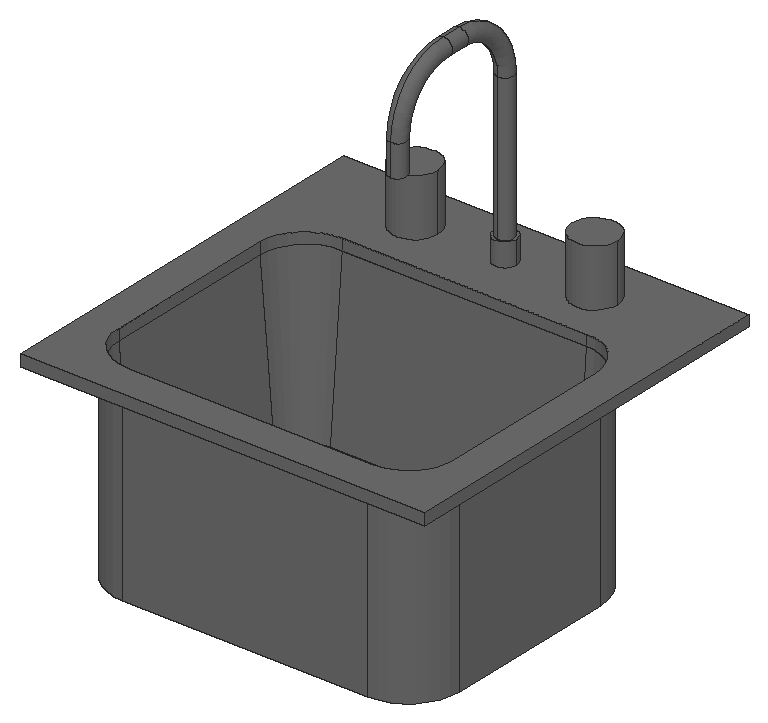
Revit family
Parameters (values of type "450 x 450mm")
  작업대 높이 [instance] = 900.00 mm
  깊이 = 450.00 mm
  설비 재료 = 금속 - 스틸, 광택
  싱크대 재료 = 금속 - 스틸, 광택
  폭 = 450.00 mm
Reference planes
  plane 1 "중심(앞/뒤)": y = 2.345
  plane 2: z = 0
  plane 3 "중심(왼쪽/오른쪽)": x = 15.689
  plane 4: y = 227.345
  plane 5: y = -222.655
  plane 6: x = -209.311
  plane 7: x = 240.689
  plane 8 "작업대 상단": z = 900
  plane 9: z = 912.7
  plane 10: z = 684.1
  plane 11: y = 113.045
  plane 12: x = -171.211
  plane 13: y = -184.555
  plane 14: x = 202.589
  plane 15: x = -84.311
  plane 16: x = 115.689
  plane 17: y = 170.195
  plane 18: y = 170.195
  plane 19: y = 170.195
  plane 20: z = 1163.525
  plane 21: y = 20.97
  plane 22: z = 976.2
  plane 23: z = 938.1
Forms (mm)
  Extrusion 1, solid, material "금속 - 스틸, 광택" <- "싱크대 재료"
    sketch origin (0, 0, 0) x (1, 0, 0) y (0, 1, 0)
      loop
        line (-209.311, 227.345) -> (-209.311, -222.655) -> (240.689, -222.655) -> (240.689, 227.345) -> (-209.311, 227.345)
      loop
        arc (-120.411, 113.045) -> (-156.332, 98.166) -> (-171.211, 62.245) r 50.8
        line (-171.211, 62.245) -> (-171.211, -133.755)
        arc (-171.211, -133.755) -> (-156.332, -169.676) -> (-120.411, -184.555) r 50.8
        line (-120.411, -184.555) -> (151.789, -184.555)
        arc (151.789, -184.555) -> (187.71, -169.676) -> (202.589, -133.755) r 50.8
        line (202.589, -133.755) -> (202.589, 62.245)
        arc (202.589, 62.245) -> (187.71, 98.166) -> (151.789, 113.045) r 50.8
        line (151.789, 113.045) -> (-120.411, 113.045)
    from 900 to 912.7
  Sweep 2, solid, material "금속 - 스틸, 광택" <- "싱크대 재료"
    path origin (0, 0, 0) x (1, 0, 0) y (0, 1, 0)
      loop
        arc (-120.411, 113.045) -> (-156.332, 98.166) -> (-171.211, 62.245) r 50.8
        line (-171.211, 62.245) -> (-171.211, -133.755)
        arc (-171.211, -133.755) -> (-156.332, -169.676) -> (-120.411, -184.555) r 50.8
        line (-120.411, -184.555) -> (151.789, -184.555)
        arc (151.789, -184.555) -> (187.71, -169.676) -> (202.589, -133.755) r 50.8
        line (202.589, -133.755) -> (202.589, 62.245)
        arc (202.589, 62.245) -> (187.71, 98.166) -> (151.789, 113.045) r 50.8
        line (151.789, 113.045) -> (-120.411, 113.045)
    profile origin (15.689, 0, 0) x (0, 1, 0) y (0, 0, 1)
      loop
        line (113.045, 900) -> (96.511, 711.015)
        arc (96.511, 711.015) -> (90.404, 698.63) -> (77.534, 693.625) r 19.05
        line (77.534, 693.625) -> (74.945, 693.625) -> (74.945, 684.1) -> (119.395, 684.1) -> (119.395, 900) -> (113.045, 900)
  Extrusion 3, solid, material "금속 - 스틸, 광택" <- "싱크대 재료"
    sketch origin (0, 0, 0) x (1, 0, 0) y (0, 1, 0)
      loop
        arc (-120.411, 74.945) -> (-129.391, 71.226) -> (-133.111, 62.245) r 12.7
        line (-133.111, 62.245) -> (-133.111, -133.755)
        arc (-133.111, -133.755) -> (-129.391, -142.735) -> (-120.411, -146.455) r 12.7
        line (-120.411, -146.455) -> (151.789, -146.455)
        arc (151.789, -146.455) -> (160.769, -142.735) -> (164.489, -133.755) r 12.7
        line (164.489, -133.755) -> (164.489, 62.245)
        arc (164.489, 62.245) -> (160.769, 71.226) -> (151.789, 74.945) r 12.7
        line (151.789, 74.945) -> (-120.411, 74.945)
      loop
        circle (15.689, 0) r 25.4
    from 684.1 to 693.625
  Extrusion 4, solid, material "금속 - 스틸, 광택" <- "설비 재료"
    sketch origin (0, 0, 0) x (1, 0, 0) y (0, 1, 0)
      loop
        circle (-84.311, 170.195) r 25.4
      loop
        circle (115.689, 170.195) r 25.4
    from 912.7 to 976.2
  Sweep 5, solid, material "금속 - 스틸, 광택" <- "설비 재료"
    path origin (15.689, 0, 0) x (0, 1, 0) y (0, 0, 1)
      loop
        line (170.195, 912.7) -> (170.195, 1100.025)
        arc (170.195, 1100.025) -> (151.597, 1144.926) -> (106.695, 1163.525) r 63.5
        line (106.695, 1163.525) -> (84.47, 1163.525)
        arc (84.47, 1163.525) -> (39.569, 1144.926) -> (20.97, 1100.025) r 63.5
        line (20.97, 1100.025) -> (20.97, 1065.1)
    profile origin (15.689, 0, 1006.363) x (0, -1, 0) y (1, 0, 0)
      loop
        circle (-170.195, 0) r 9.525
  Extrusion 6, solid, material "금속 - 스틸, 광택" <- "설비 재료"
    sketch origin (0, 0, 0) x (1, 0, 0) y (0, 1, 0)
      loop
        circle (15.689, 170.195) r 12.7
    from 912.7 to 938.1
Cuts and joins
  joined: Sweep 5, Extrusion 6
  joined: Sweep 2, Extrusion 3
Lines and regions (mm)
  Masking region 1
    outline origin (0, 0, 900) x (0, -1, 0) y (1, 0, 0)
      loop
        line (-227.345, -209.311) -> (222.655, -209.311) -> (222.655, 240.689) -> (-227.345, 240.689) -> (-227.345, -209.311)
  symbolic lines
    curve 1: arc (41.089, 0, 900) -> (15.689, 25.4, 900) -> (-9.711, 0, 900) r 25.4
    curve 2: arc (-9.711, 0, 900) -> (15.689, -25.4, 900) -> (41.089, 0, 900) r 25.4
    curve 3: line (-171.211, 62.245, 900) -> (-171.211, -133.755, 900)
    curve 4: line (-120.411, -184.555, 900) -> (151.789, -184.555, 900)
    curve 5: line (202.589, -133.755, 900) -> (202.589, 62.245, 900)
    curve 6: line (151.789, 113.045, 900) -> (28.389, 113.045, 900)
    curve 7: arc (202.589, 62.245, 900) -> (187.71, 98.166, 900) -> (151.789, 113.045, 900) r 50.8
    curve 8: arc (151.789, -184.555, 900) -> (187.71, -169.676, 900) -> (202.589, -133.755, 900) r 50.8
    curve 9: arc (-171.211, -133.755, 900) -> (-156.332, -169.676, 900) -> (-120.411, -184.555, 900) r 50.8
    curve 10: arc (-120.411, 113.045, 900) -> (-156.332, 98.166, 900) -> (-171.211, 62.245, 900) r 50.8
    curve 11: arc (142.689, 172.313, 900) -> (117.289, 197.713, 900) -> (91.889, 172.313, 900) r 25.4
    curve 12: arc (91.889, 172.313, 900) -> (117.289, 146.913, 900) -> (142.689, 172.313, 900) r 25.4
    curve 13: arc (28.389, 170.195, 900) -> (15.689, 182.895, 900) -> (2.989, 170.195, 900) r 12.7
    curve 14: line (2.989, 170.195, 900) -> (2.989, 53.145, 900)
    curve 15: line (28.389, 170.195, 900) -> (28.389, 53.145, 900)
    curve 16: arc (28.389, 53.145, 900) -> (15.689, 40.445, 900) -> (2.989, 53.145, 900) r 12.7
    curve 17: line (2.989, 113.045, 900) -> (-120.411, 113.045, 900)
    curve 18: arc (-58.911, 170.195, 900) -> (-84.311, 195.595, 900) -> (-109.711, 170.195, 900) r 25.4
    curve 19: arc (-109.711, 170.195, 900) -> (-84.311, 144.795, 900) -> (-58.911, 170.195, 900) r 25.4
Dimensions and locks
  equal spacing: plane 6, plane 3 "중심(왼쪽/오른쪽)", plane 7
  "폭": plane 6 to plane 7
  equal spacing: plane 5, plane 1 "중심(앞/뒤)", plane 4
  "깊이": plane 5 to plane 4
  "작업대 높이": plane 8 "작업대 상단" to plane 2
  locked: plane 9 to plane 8 "작업대 상단" at 12.7
  locked: plane 8 "작업대 상단" to plane 10 at 215.9
  locked: plane 6 to plane 12 at 38.1
  locked: plane 14 to plane 7 at 38.1
  locked: plane 11 to plane 4 at 114.3
  locked: plane 5 to plane 13 at 38.1
  equal spacing: plane 11, plane 17, plane 4
  equal spacing: plane 11, plane 18, plane 4
  equal spacing: plane 4, plane 19, plane 11
  locked: plane 19 to plane 21 at 149.225
  locked: plane 20 to plane 9 at 250.825
  locked: plane 22 to plane 9 at 63.5
  locked: plane 23 to plane 9 at 25.4
  plane 15 to plane 3 "중심(왼쪽/오른쪽)" to plane 16 = 100.00 mm locked, 100.00 mm locked
  aligned and locked: Extrusion 1 sketch curve to plane 5
  aligned and locked: plane 7 to Extrusion 1 sketch curve
  aligned and locked: plane 4 to Extrusion 1 sketch curve
  aligned and locked: Extrusion 1 sketch curve to plane 6
  aligned and locked: plane 8 "작업대 상단" to Extrusion 1
  aligned and locked: Extrusion 1 to plane 9
  aligned and locked: plane 11 to Extrusion 1 sketch curve
  aligned and locked: plane 14 to Extrusion 1 sketch curve
  aligned and locked: Extrusion 1 sketch curve to plane 12
  aligned and locked: Extrusion 1 sketch curve to plane 13
  aligned and locked: plane 11 to Sweep 2 sketch curve
  aligned and locked: plane 14 to Sweep 2 sketch curve
  aligned and locked: Sweep 2 sketch curve to plane 12
  aligned and locked: Sweep 2 sketch curve to plane 13
  aligned and locked: Sweep 2 to Extrusion 3 sketch curve  (x4)
  aligned and locked: Sweep 2 to Extrusion 3
  aligned and locked: plane 10 to Extrusion 3
  aligned and locked: Sweep 2 sketch curve to plane 10
  aligned and locked: plane 8 "작업대 상단" to Sweep 2 sketch curve
  aligned and locked: Extrusion 4 to Extrusion 1
  aligned and locked: Extrusion 6 to Extrusion 1
  aligned and locked: Sweep 5 sketch curve to plane 19
  aligned and locked: plane 20 to Sweep 5 sketch curve
  aligned and locked: plane 21 to Sweep 5 sketch curve
  aligned and locked: Extrusion 4 to plane 22
  aligned and locked: Extrusion 6 to plane 23
  aligned and locked: plane 7 to Masking region 1 sketch curve
  aligned and locked: Masking region 1 sketch curve to plane 5
  aligned and locked: Masking region 1 sketch curve to plane 6
  aligned and locked: plane 4 to Masking region 1 sketch curve
  aligned and locked: curve 18 to Extrusion 4
  aligned and locked: plane 16 to Extrusion 4 sketch curve
  aligned and locked: plane 17 to Extrusion 4 sketch curve  (x2)
  aligned and locked: plane 15 to Extrusion 4 sketch curve
Automatic sketch dimensions
  Sweep 2 sketch curve to plane 12 = 50.80 mm
  Sweep 2 sketch curve to Sweep 2 sketch curve = 50.80 mm
  plane 11 to Sweep 2 sketch curve = 50.80 mm
  plane 14 to Sweep 2 sketch curve = 50.80 mm
  Extrusion 1 sketch curve to plane 12 = 50.80 mm  (x2)
  plane 14 to Extrusion 1 sketch curve = 50.80 mm  (x2)
  Extrusion 3 sketch curve to plane 3 "중심(왼쪽/오른쪽)" = 0.00 mm
  Extrusion 3 sketch curve to Extrusion 3 sketch curve = 12.70 mm  (x4)
  plane 1 "중심(앞/뒤)" to Extrusion 3 sketch curve = 2.345 mm
  Extrusion 3 sketch curve to plane 3 "중심(왼쪽/오른쪽)" = 25.40 mm
  Sweep 2 sketch curve to profile plane = 0.00 mm
  profile plane to Sweep 2 sketch curve = 16.534 mm
  Sweep 2 sketch curve to Sweep 2 sketch curve = 18.978 mm
  Sweep 2 sketch curve to Sweep 2 sketch curve = 2.588 mm
  Sweep 2 sketch curve to profile plane = 6.35 mm
  Sweep 2 sketch curve to Sweep 2 sketch curve = 9.525 mm
  Sweep 2 sketch curve to Sweep 2 sketch curve = 17.39 mm
  plane 15 to Extrusion 4 sketch curve = 25.40 mm
  plane 16 to Extrusion 4 sketch curve = 25.40 mm
  Sweep 5 sketch curve to plane 3 "중심(왼쪽/오른쪽)" = 0.00 mm
  Sweep 5 sketch curve to profile plane = 0.00 mm
  profile plane to Sweep 5 sketch curve = 9.525 mm
  Extrusion 6 sketch curve to plane 18 = 0.00 mm
  Extrusion 6 sketch curve to plane 3 "중심(왼쪽/오른쪽)" = 0.00 mm
  Extrusion 6 sketch curve to plane 3 "중심(왼쪽/오른쪽)" = 12.70 mm
  Sweep 5 sketch curve to plane 9 = 0.00 mm
  Sweep 5 sketch curve to Sweep 5 sketch curve = 63.50 mm
  plane 11 to Sweep 5 sketch curve = 6.35 mm
  Sweep 5 sketch curve to Sweep 5 sketch curve = 34.925 mm
  curve 17 to plane 11 = 0.00 mm
  curve 6 to plane 11 = 0.00 mm
  curve 5 to plane 14 = 0.00 mm
  curve 3 to plane 12 = 0.00 mm
  curve 16 to plane 3 "중심(왼쪽/오른쪽)" = 0.00 mm
  curve 2 to plane 3 "중심(왼쪽/오른쪽)" = 0.00 mm
  curve 4 to plane 13 = 0.00 mm
  plane 4 to curve 13 = 57.15 mm
  plane 4 to curve 11 = 55.032 mm
  plane 11 to curve 7 = 50.80 mm
  plane 11 to curve 10 = 50.80 mm
  curve 15 to plane 1 "중심(앞/뒤)" = 50.80 mm
  curve 16 to plane 3 "중심(왼쪽/오른쪽)" = 12.70 mm
  plane 1 "중심(앞/뒤)" to curve 1 = 2.345 mm
  curve 3 to plane 13 = 50.80 mm
  curve 8 to plane 13 = 50.80 mm
  curve 2 to plane 3 "중심(왼쪽/오른쪽)" = 25.40 mm
  curve 13 to curve 12 = 63.50 mm
  curve 11 to curve 12 = 25.40 mm
